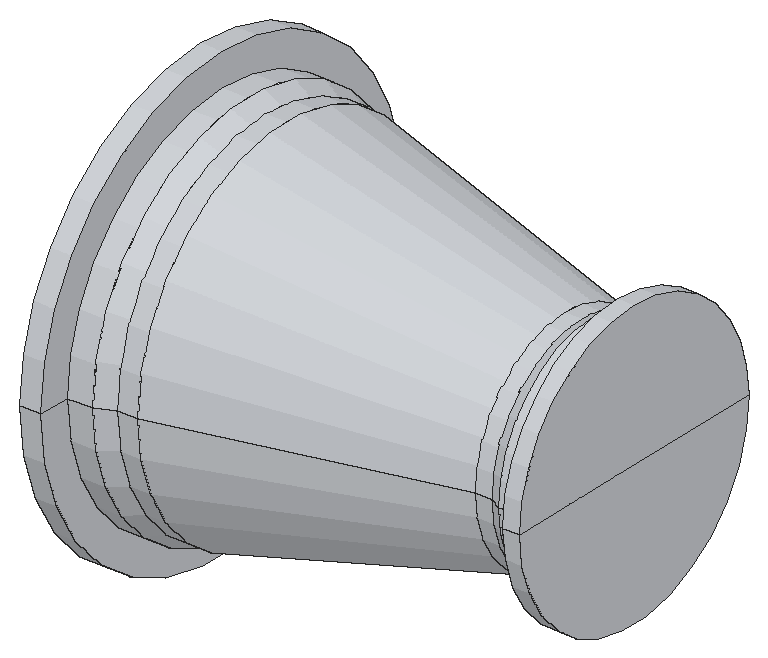
Revit family "1197b5cac0c742748628801dba445645", category Pipe Fittings, Revit 2021
Family settings
  Round Connector Dimension = Use Radius
  Part Type = Transition
  OmniClass Number = 23.60.30.11.14
  OmniClass Title = Pipework Fittings
  Work Plane-Based = No
  Always vertical = Yes
  Cut with Voids When Loaded = No
  Shared = No
Parameters (values of type "Standard")
  Visibility 2 [instance] = Nominal Diameter 2 > Nominal Diameter 1  # no
  Visibility 1 [instance] = Nominal Diameter 1 > Nominal Diameter 2  # yes
  URL = ""
  Type Comments = ""
  Tick Size 2 [instance] = if(Nominal Diameter 1 > Nominal Diameter 2, Min Tick Size 12, Max Tick Size 12)  # 7.8000"
  Tick Size 1 [instance] = if(Nominal Diameter 1 > Nominal Diameter 2, Max Tick Size 12, Min Tick Size 12)  # 12.8000"
  Min Tick Size 12 [instance] = Min Fitting Outside Diameter 12 * 0.4  # 7.8000"
  Max Tick Size 12 [instance] = Max Fitting Outside Diameter 12 * 0.4  # 12.8000"
  Socket Outside Radius 2 [instance] = Socket Outside Diameter 2 / 2  # 10.2750"
  Socket Outside Radius 1 [instance] = Socket Outside Diameter 1 / 2  # 16.7500"
  Socket Outside Diameter 2 [instance] = if(Nominal Diameter 1 > Nominal Diameter 2, Min Socket Outside Diameter 12, Max Socket Outside Diameter 12)  # 20.5500"
  Socket Outside Diameter 1 [instance] = if(Nominal Diameter 1 > Nominal Diameter 2, Max Socket Outside Diameter 12, Min Socket Outside Diameter 12)  # 33.5000"
  Socket Depth 2 [instance] = if(Nominal Diameter 2 < 14.0000", 2.5000", if(Nominal Diameter 2 < 30.0000", 3.5000", 4.0000"))  # 3.5000"
  Socket Depth 1 [instance] = if(Nominal Diameter 1 < 14.0000", 2.5000", if(Nominal Diameter 1 < 30.0000", 3.5000", 4.0000"))  # 4.0000"
  Min Socket Outside Diameter 12 [instance] = size_lookup(Lookup Table Name, "SOD", 1.1 * Min Nominal Diameter 12 + 0.8700", Min Nominal Diameter 12)  # 20.5500"
  Max Socket Outside Diameter 12 [instance] = size_lookup(Lookup Table Name, "SOD", 1.14 * Max Nominal Diameter 12 + 0.1300", Max Nominal Diameter 12)  # 33.5000"
  Nominal Radius 2 [instance] = 9.0000"
  Nominal Radius 1 [instance] = 15.0000"
  Nominal Diameter 2 [instance] = Nominal Radius 2 * 2  # 18.0000"
  Nominal Diameter 1 [instance] = Nominal Radius 1 * 2  # 30.0000"
  Min Nominal Diameter 12 [instance] = if(Nominal Diameter 1 > Nominal Diameter 2, Nominal Diameter 2, Nominal Diameter 1)  # 18.0000"
  Max Nominal Diameter 12 [instance] = if(Nominal Diameter 1 > Nominal Diameter 2, Nominal Diameter 1, Nominal Diameter 2)  # 30.0000"
  Manufacturer = ""
  Loss Method = K Coefficient from Table
  Lookup Table Name = "Reducer - MJ - DI - Class 250"
  Length [instance] = size_lookup(Lookup Table Name, "Lgt", 2 * Max Nominal Diameter 12, Max Nominal Diameter 12, Min Nominal Diameter 12)  # 37.5000"
  K Coefficient Table = "Reducer/Coupling/Union/Increaser"
  Fitting Outside Radius 2 [instance] = Fitting Outside Diameter 2 / 2  # 9.7500"
  Fitting Outside Radius 1 [instance] = Fitting Outside Diameter 1 / 2  # 16.0000"
  Min Fitting Outside Diameter 12 [instance] = size_lookup(Lookup Table Name, "FOD", 1.04 * Min Nominal Diameter 12 + 0.7000", Min Nominal Diameter 12)  # 19.5000"
  Max Fitting Outside Diameter 12 [instance] = size_lookup(Lookup Table Name, "FOD", 1.04 * Max Nominal Diameter 12 + 0.7000", Max Nominal Diameter 12)  # 32.0000"
  built-in parameter 1114238 [instance] = (empty or 0)
  Fitting Outside Diameter 2 [instance] = if(Nominal Diameter 1 > Nominal Diameter 2, Min Fitting Outside Diameter 12, Max Fitting Outside Diameter 12)  # 19.5000"
  Fitting Outside Diameter 1 [instance] = if(Nominal Diameter 1 > Nominal Diameter 2, Max Fitting Outside Diameter 12, Min Fitting Outside Diameter 12)  # 32.0000"
  Description = ""
  Default Elevation = 0.0000"
  Bevel Length 2 [instance] = size_lookup(Lookup Table Name, "BvLgt", 0.04 * Nominal Diameter 2 + 0.4300", Nominal Diameter 2)  # 1.0500"
  Bevel Length 1 [instance] = size_lookup(Lookup Table Name, "BvLgt", 0.04 * Nominal Diameter 1 + 0.4300", Nominal Diameter 1)  # 1.5000"
  Gland Width 2 [instance] = size_lookup(Lookup Table Name, "GWid", 0.03 * Nominal Diameter 2 + 0.9400", Nominal Diameter 2)  # 1.4400"
  Gland Width 1 [instance] = size_lookup(Lookup Table Name, "GWid", 0.03 * Nominal Diameter 1 + 0.9400", Nominal Diameter 1)  # 1.8100"
  Gland Outside Radius 1 [instance] = Gland Outside Diameter 1 / 2  # 19.5600"
  Gland Outside Radius 2 [instance] = Gland Outside Diameter 2 / 2  # 12.3750"
  Max Gland Outside Diameter 12 [instance] = size_lookup(Lookup Table Name, "GOD", 1.16 * Max Nominal Diameter 12 + 4.0300", Max Nominal Diameter 12)  # 39.1200"
  Min Gland Outside Diameter 12 [instance] = size_lookup(Lookup Table Name, "GOD", 1.16 * Min Nominal Diameter 12 + 4.0300", Min Nominal Diameter 12)  # 24.7500"
  Gland Outside Diameter 2 [instance] = if(Nominal Diameter 1 > Nominal Diameter 2, Min Gland Outside Diameter 12, Max Gland Outside Diameter 12)  # 24.7500"
  Gland Outside Diameter 1 [instance] = if(Nominal Diameter 1 > Nominal Diameter 2, Max Gland Outside Diameter 12, Min Gland Outside Diameter 12)  # 39.1200"
  Assembly Code = ""
Reference planes (in)
  plane 1 "Center (Front/Back)": y = 0
  plane 2: z = 0
  plane 3 "Center (Left/Right)": x = 0
  plane 4 "Right": x = 37.5
  plane 5 "TK1 Top": y = 12.8
  plane 6 "TK1 Bottom": y = -12.8
  plane 7 "TK2 Top": y = 7.8
  plane 8 "TK2 Bottom": y = -7.8
  plane 9: y = 19.56
  plane 10: y = 16.75
  plane 11: x = 4
  plane 12: x = 5.5
  plane 13: y = 16
  plane 14 "SD2R": x = 34
  plane 15: x = 1.81
  plane 16: x = 36.06
  plane 17: x = 32.95
  plane 18: y = 9.75
  plane 19: y = 10.275
  plane 20: y = 12.375
  plane 21: x = 7.31
  plane 22: x = 31.51
Forms (in)
  Extrusion 1, solid, not visible
    sketch origin (0, 0, 0) x (0, 1, 0) y (0, 0, 1)
      loop
        circle (0, 0) r 1
    from 0 to 37.5
  Revolve 2, solid, detail levels fine
    sketch origin (0, 0, 0) x (1, 0, 0) y (0, 1, 0)
      loop
        line (0, 0) -> (37.5, 0) -> (37.5, 12.375) -> (36.06, 12.375) -> (36.06, 10.275) -> (34, 10.275) -> (32.95, 9.75) -> (31.51, 9.75) -> (7.31, 16) -> (5.55, 16) -> (4, 16.75) -> (1.81, 16.75) -> (1.81, 19.56) -> (0, 19.56) -> (0, 0)
      axis (0, 0) -> (37.5, 0)
    angle from 0 to 360
Lines and regions (in)
  model lines, detail levels coarse+medium
    curve 1: line (0, 0, 0) -> (0, 12.8, 0)
    curve 2: line (0, -12.8, 0) -> (0, 0, 0)
    curve 3: line (37.5, 0, 0) -> (37.5, 7.8, 0)
    curve 4: line (37.5, 0, 0) -> (37.5, -7.8, 0)
  model lines, style "PipeFitting", visible <- "Visibility 1", detail levels coarse+medium
    curve 5: line (0, 12.8, 0) -> (37.5, 0, 0)
    curve 6: line (0, -12.8, 0) -> (37.5, 0, 0)
  model lines, style "PipeFitting", visible <- "Visibility 2", detail levels coarse+medium
    curve 7: line (37.5, 7.8, 0) -> (0, 0, 0)
    curve 8: line (0, 0, 0) -> (37.5, -7.8, 0)
Dimensions and locks (in)
  "Tick Size 1": plane 5 "TK1 Top" to plane 1 "Center (Front/Back)"
  "Tick Size 1": plane 6 "TK1 Bottom" to plane 1 "Center (Front/Back)"
  "Tick Size 2": plane 7 "TK2 Top" to plane 1 "Center (Front/Back)"
  "Tick Size 2": plane 8 "TK2 Bottom" to plane 1 "Center (Front/Back)"
  "Gland Outside Radius 1": plane 9 to plane 1 "Center (Front/Back)"
  "Socket Outside Radius 1": plane 1 "Center (Front/Back)" to plane 10
  "Fitting Outside Radius 1": plane 13 to plane 1 "Center (Front/Back)"
  "Length": plane 3 "Center (Left/Right)" to plane 4 "Right"
  "Socket Depth 2": plane 14 "SD2R" to plane 4 "Right"
  "Socket Depth 1": plane 3 "Center (Left/Right)" to plane 11
  "Gland Width 1": plane 3 "Center (Left/Right)" to plane 15
  "Gland Width 2": plane 16 to plane 4 "Right"
  "Bevel Length 1": plane 11 to plane 12
  "Bevel Length 2": plane 17 to plane 14 "SD2R"
  "Fitting Outside Radius 2": plane 18 to plane 1 "Center (Front/Back)"
  "Socket Outside Radius 2": plane 19 to plane 1 "Center (Front/Back)"
  "Gland Outside Radius 2": plane 20 to plane 1 "Center (Front/Back)"
  "Gland Width 1": plane 12 to plane 21
  "Gland Width 2": plane 22 to plane 17
  radius of Extrusion 1 sketch curve = 1.0000"
  aligned and locked: plane 2 to level
  aligned and locked: plane 2 to Extrusion 1 sketch curve
  aligned and locked: plane 1 "Center (Front/Back)" to Extrusion 1 sketch curve
  aligned and locked: Extrusion 1 to plane 3 "Center (Left/Right)"
  aligned and locked: plane 4 "Right" to Extrusion 1
  aligned and locked: plane 1 "Center (Front/Back)" to curve 2
  aligned and locked: plane 3 "Center (Left/Right)" to curve 1
  aligned and locked: plane 3 "Center (Left/Right)" to curve 2
  aligned and locked: plane 5 "TK1 Top" to curve 1
  aligned and locked: plane 6 "TK1 Bottom" to curve 2
  aligned and locked: curve 3 to plane 7 "TK2 Top"
  aligned and locked: curve 4 to plane 4 "Right"
  aligned and locked: plane 1 "Center (Front/Back)" to Revolve 2 sketch curve
  aligned and locked: plane 3 "Center (Left/Right)" to Revolve 2 sketch curve
  aligned and locked: Revolve 2 sketch curve to plane 9
  aligned and locked: Revolve 2 sketch curve to plane 15
  aligned and locked: Revolve 2 sketch curve to plane 10
  aligned and locked: plane 11 to Revolve 2 sketch curve
  aligned and locked: plane 14 "SD2R" to Revolve 2 sketch curve
  aligned and locked: Revolve 2 sketch curve to plane 19
  aligned and locked: plane 16 to Revolve 2 sketch curve
  aligned and locked: Revolve 2 sketch curve to plane 20
  aligned and locked: plane 4 "Right" to Revolve 2 sketch curve
  aligned and locked: Revolve 2 sketch curve to Revolve 2 sketch curve
  aligned and locked: plane 18 to Revolve 2 sketch curve
  aligned and locked: plane 22 to Revolve 2 sketch curve
  aligned and locked: Revolve 2 sketch curve to plane 13
  aligned and locked: Revolve 2 sketch curve to plane 21
Automatic sketch dimensions
  plane 8 "TK2 Bottom" to curve 8 = 0.0000"
  plane 1 "Center (Front/Back)" to curve 4 = 0.0000"
  Revolve 2 sketch curve to plane 17 = 0.0000"
  Revolve 2 sketch curve to plane 3 "Center (Left/Right)" = 9.7500"
  Revolve 2 sketch curve to plane 12 = 0.0500"
  Revolve 2 sketch curve to Revolve 2 sketch curve = 7.2500"
Connectors (in)
  piping at (0, 0, 0), diameter 30, driven by "Nominal Radius 1"
    settings: on Extrusion 1, index 1, connector inside diameter 30.0000", connector length 0.0000", flow factor 0, pipe flow 0 GPM, pressure drop 0.00 psi, fitting loss kfactor 0, connector angle 0.00°, fixture units 0, engagement length 0.0000", angle of deflection 0.00°, flow configuration 0, flow direction 0, fitting loss method 0, system type 28, joint type 0, gender type 0, connector reference index 2, connector utility 0, adjustable connector no, is connector primary yes, connector description ""
  piping at (37.5, 0, 0), diameter 18, driven by "Nominal Radius 2"
    settings: on Extrusion 1, index 2, connector inside diameter 18.0000", connector length 0.0000", flow factor 0, pipe flow 0 GPM, pressure drop 0.00 psi, fitting loss kfactor 0, connector angle 0.00°, fixture units 0, engagement length 0.0000", angle of deflection 0.00°, flow configuration 0, flow direction 0, fitting loss method 0, system type 28, joint type 0, gender type 0, connector reference index 1, connector utility 0, adjustable connector no, is connector primary no, connector description ""
